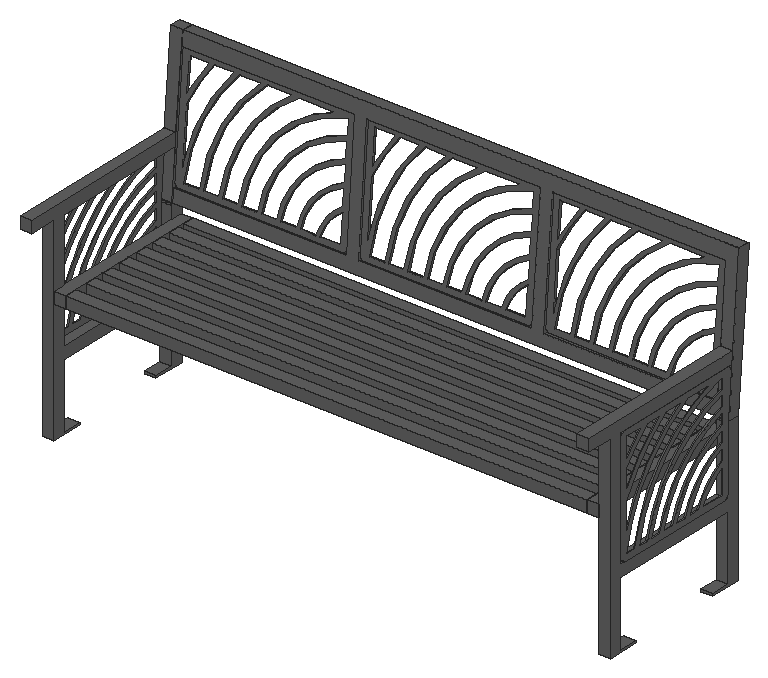
Revit family
Parameters (values of type "JC1-1000")
  URL = "http://www.sitescapesonline.com/index.asp"
  Type Comments = "Backed Bench"
  Side Panel Width = if(1 = 1, Length, 1' 0")  # 6' - 0"
  Seat Panel Width = if(1 = 1, Length - 0' 6", 1' 0")  # 5' - 6"
  Product Page URL = "http://www.sitescapesonline.com/jordancreek-park-benches.asp"
  Product Documentation Link = "http://www.sitescapesonline.com/PDF/JC1-1000%20-%20Customer%20Print.pdf"
  Panel Seat Width = Seat Panel Width  # 5' - 6"
  Panel Back Width = Length - 0' 2"  # 5' - 10"
  Model = "JC1-1000"
  Manufacturer = "SiteScapes Inc."  # constant formula
  Length = 6' - 0"
  Height = 3' - 1 159/256"  # constant formula
  Bench Material = Steel - SiteScapes - Powder Coat - Onyx
  Description = "Jordan Creek Laser Pattern, Backed Bench, Six foot length, Steel Bar Ends"
  Depth = 2' - 1 41/256"  # constant formula
  Copyright © = "2010 SiteScapes Inc."  # constant formula
  Back Type = Panel-Back-SiteScapes-Steel_Sheet_Metal_6ft_JC : 5 5/8"x1' 3 5/8"
  Back Frame Type = Frame-Type-SiteScapes-Square_Steel_Tube-6ft : 5 5/8"x1' 3 13/32"
  Assembly Code = ""
  Seat Panel = Panel-Seat-SiteScapes-Square Tube : Square_Tube_Seat-6ft
Reference planes (in)
  plane 1 "Center Front/Back": y = 0
  plane 2 "Original Bottom": z = 0
  plane 3 "Center Left/Right": x = 0
  plane 4 "Left": x = -36
  plane 5 "Right": x = 36
  plane 6 "Side Panel Width L": x = -34.5
  plane 7 "Side Panel Width R": x = 34.5
  plane 8 "Front": y = -25.16016
  plane 9 "Frame Side Origin F/B": y = 0
  plane 10 "Frame Side Origin T/B": z = 0
  plane 11 "Frame Back Origin F/B": y = -3.125
  plane 12 "Frame Back Origin T/B": z = 38.1875
  plane 13 "Bracing Origin F/B": y = -21.8125
  plane 14 "Bracing Origin T/B": z = 17
  plane 15 "Panel Seat Origin F/B": y = -21.8125
  plane 16 "Panel Seat Origin T/B": z = 17
  plane 17 "Panel Back Origin F/B": y = -2.25
  plane 18 "Panel Back Origin T/B": z = 36.3125
  plane 19 "Panel Side Origin F/B": y = -3.25
  plane 20 "Panel Side Origin T/B": z = 10
  plane 21 "Top": z = 37.62109
  plane 22 "Side Panel Right": x = 36
  plane 23 "Side Panel Left": x = -36
  plane 24 "Arm Rest Origin T/B": z = 0
  plane 25 "Arm Rest Origin F/B": y = -4.75
Dimensions and locks (in)
  equal spacing: plane 4 "Left", plane 3 "Center Left/Right", plane 5 "Right"
  "Length": plane 4 "Left" to plane 5 "Right"
  locked: plane 23 "Side Panel Left" to plane 6 "Side Panel Width L" at 1.5
  locked: plane 7 "Side Panel Width R" to plane 22 "Side Panel Right" at 1.5
  locked: plane 9 "Frame Side Origin F/B" to plane 1 "Center Front/Back" at 0
  locked: plane 17 "Panel Back Origin F/B" to plane 1 "Center Front/Back" at 2.25
  locked: plane 11 "Frame Back Origin F/B" to plane 1 "Center Front/Back" at 3.125
  locked: plane 19 "Panel Side Origin F/B" to plane 1 "Center Front/Back" at 3.25
  locked: plane 13 "Bracing Origin F/B" to plane 1 "Center Front/Back" at 21.8125
  locked: plane 15 "Panel Seat Origin F/B" to plane 1 "Center Front/Back" at 21.8125
  "Depth": plane 8 "Front" to plane 1 "Center Front/Back"
  locked: plane 10 "Frame Side Origin T/B" to plane 2 "Original Bottom" at 0
  locked: plane 12 "Frame Back Origin T/B" to plane 2 "Original Bottom" at 38.1875
  locked: plane 18 "Panel Back Origin T/B" to plane 2 "Original Bottom" at 36.3125
  locked: plane 14 "Bracing Origin T/B" to plane 2 "Original Bottom" at 17
  locked: plane 20 "Panel Side Origin T/B" to plane 2 "Original Bottom" at 10
  locked: plane 16 "Panel Seat Origin T/B" to plane 2 "Original Bottom" at 17
  "Height": plane 21 "Top" to plane 2 "Original Bottom"
  "Side Panel Width": plane 23 "Side Panel Left" to plane 22 "Side Panel Right"
  plane 24 "Arm Rest Origin T/B" to plane 2 "Original Bottom" = 0' - 0"
  aligned and locked: level to plane 2 "Original Bottom"
  aligned: nested 1 to plane 5 "Right"
  aligned: plane 4 "Left" to nested 2
  aligned: nested 1 to plane 10 "Frame Side Origin T/B"
  aligned: nested 1 to plane 9 "Frame Side Origin F/B"
  aligned: plane 10 "Frame Side Origin T/B" to nested 1
  aligned and locked: nested 1 to plane 22 "Side Panel Right"
  aligned and locked: plane 23 "Side Panel Left" to nested 2
  aligned and locked: plane 20 "Panel Side Origin T/B" to nested 3
  aligned and locked: nested 3 to plane 19 "Panel Side Origin F/B"
  aligned and locked: nested 4 to plane 19 "Panel Side Origin F/B"
  aligned and locked: plane 20 "Panel Side Origin T/B" to nested 4
  aligned and locked: plane 23 "Side Panel Left" to nested 4
  aligned and locked: nested 3 to plane 22 "Side Panel Right"
  aligned and locked: plane 10 "Frame Side Origin T/B" to nested 2
  aligned and locked: nested 1 to plane 9 "Frame Side Origin F/B"
  aligned and locked: plane 10 "Frame Side Origin T/B" to nested 1
  aligned and locked: nested 2 to plane 9 "Frame Side Origin F/B"
  aligned and locked: plane 23 "Side Panel Left" to plane 4 "Left"
  aligned and locked: plane 3 "Center Left/Right" to nested 5
  aligned and locked: plane 16 "Panel Seat Origin T/B" to nested 5
  aligned and locked: nested 5 to plane 15 "Panel Seat Origin F/B"
  aligned: plane 12 "Frame Back Origin T/B" to nested 6
  aligned and locked: plane 3 "Center Left/Right" to nested 6
  aligned and locked: nested 1 to nested 6
  aligned and locked: nested 6 to nested 1
  aligned: plane 3 "Center Left/Right" to nested 7
  aligned: nested 7 to plane 9 "Frame Side Origin F/B"
  aligned: nested 6 to nested 7  (x2)
  aligned and locked: plane 17 "Panel Back Origin F/B" to nested 7
  aligned and locked: nested 2 to plane 6 "Side Panel Width L"
  aligned: plane 6 "Side Panel Width L" to nested 7
  aligned and locked: plane 7 "Side Panel Width R" to nested 1
  aligned: plane 7 "Side Panel Width R" to nested 7
Nested families (in)
  nested 1: "Frame-Side-SiteScapes-Wall_Steel_Tubing" at (35.25, 0, 0), type "25 5/16"x37 3/4""
    with Width 0' - 1 1/2"
  nested 2: "Frame-Side-SiteScapes-Wall_Steel_Tubing" at (-35.25, 0, 0), type "25 5/16"x37 3/4""
    with Width 0' - 1 1/2"
  nested 3: "Panel-Side-SiteScapes-Steel_Sheet_Metal_JC" at (35.90625, -3.25, 10), type "1' 8 3/4"x9 1/4""
  nested 4: "Panel-Side-SiteScapes-Steel_Sheet_Metal_JC" at (-35.90625, -3.25, 10), type "1' 8 3/4"x9 1/4""
  nested 5: "Panel-Seat-SiteScapes-Square Tube" at (0, -1.74822, 15.5), type <- "Seat Panel", type "Square_Tube_Seat-6ft"
    with Has Support Bars yes
  nested 6: "Frame-Type-SiteScapes-Square_Steel_Tube-6ft" at (0, 0, 18.69089), type <- "Back Frame Type", type "5 5/8"x1' 3 13/32""
  nested 7: "Panel-Back-SiteScapes-Steel_Sheet_Metal_6ft_JC" at (11.32196, -2.17773, 20.39894), type <- "Back Type", type "5 5/8"x1' 3 5/8""
Definition of nested family "Frame-Side-SiteScapes-Wall_Steel_Tubing"
  Parameters (values of type "25 5/16"x37 3/4"")
    Width = 0' - 1"
    URL = "http://www.sitescapesonline.com/index.asp"
    Product Page URL = ""
    Product Documentation Link = ""
    Material = none
    Manufacturer = "SiteScapes Inc."  # constant formula
    Frame Back Height = 3' - 1 3/4"
    Depth = 2' - 1 5/16"
    Copyright © = "2010 SiteScapes Inc."  # constant formula
    Bracing Height Inset = 0' - 10"
    Arm Rest Height = 2' - 2 1/4"
  Reference planes (in)
    plane 1 "Center (Front/Back)": y = 0
    plane 2 "Original Bottom": z = 0
    plane 3 "Center (Left/Right)": x = 0
    plane 4 "Left": x = -0.5
    plane 5 "Right": x = 0.5
    plane 6 "Right Offset": x = 0.75
    plane 7 "Left Offset": x = -0.75
    plane 8 "Bottom Base": z = 0.25
    plane 9 "Back Inset": y = -1.66884
    plane 10 "Front": y = -25.3125
    plane 11 "Front Inset": y = -21.8125
    plane 12 "Armrest Top": z = 26.5
    plane 13 "Bracing Top": z = 10
    plane 14 "Top": z = 37.75
    plane 15 "Frame Front Iset": y = -20.3125
    plane 16 "Frame Back Inset": y = -3.16884
    plane 17 "Armrest Top Inset": z = 25
    plane 18 "Bracing Top Inset": z = 8.5
  Forms (in)
    Sweep 1, solid, material <- "Material", detail levels medium+fine
      path origin (0, 0, -2.04689) x (1, 0, 0) y (0, 0, 1)
        loop
          line (0.5, 28.54689) -> (-0.5, 28.54689)
      profile origin (0, 0, 26.5) x (0, 0, -1) y (0, -1, 0)
        loop
          line (0, 2.47848) -> (-11.2493, 1.49429) -> (-11.11857, 0) -> (7.95634, 1.66884) -> (26.25, 1.66884) -> (26.5, 1.66884) -> (26.5, 5.66884) -> (26.25, 5.66884) -> (26.25, 3.16884) -> (18, 3.16884) -> (18, 20.3125) -> (26.25, 20.3125) -> (26.25, 17.8125) -> (26.5, 17.8125) -> (26.5, 21.8125) -> (26.25, 21.8125) -> (1.5, 21.8125) -> (1.5, 25.3125) -> (0, 25.3125) -> (0, 2.47848)
        loop
          line (16.5, 3.16884) -> (16.5, 20.3125) -> (1.5, 20.3125) -> (1.5, 2.60971) -> (7.78354, 3.15945)
          arc (7.78354, 3.15945) -> (7.89236, 3.16652) -> (8.00138, 3.16884) r 2.5
          line (8.00138, 3.16884) -> (16.5, 3.16884)
  Lines and regions (in)
    Masking region 1, detail levels medium+fine
      outline origin (0, -27.75, 0) x (-1, 0, 0) y (0, 0, 1)
        loop
          line (0.5, 0) -> (0.5, 37.75) -> (-0.5, 37.75) -> (-0.5, 0) -> (0.5, 0)
    Masking region 2, detail levels medium+fine
      outline origin (0, 0, 0) x (0, 1, 0) y (0, 0, 1)
        loop
          line (-25.3125, 25) -> (-21.8125, 25) -> (-21.8125, 0) -> (-17.8125, 0) -> (-17.8125, 0.25) -> (-20.3125, 0.25) -> (-20.3125, 8.5) -> (-3.16884, 8.5) -> (-3.16884, 0.25) -> (-5.66884, 0.25) -> (-5.66884, 0) -> (-1.66884, 0) -> (-1.66884, 18.54366) -> (0, 37.61857) -> (-1.49429, 37.7493) -> (-2.47848, 26.5) -> (-25.3125, 26.5) -> (-25.3125, 25)
        loop
          line (-20.3125, 10) -> (-3.16884, 10) -> (-3.16884, 18.60915) -> (-2.60971, 25) -> (-20.3125, 25) -> (-20.3125, 10)
    Masking region 3, detail levels medium+fine
      outline origin (0, 0, 0) x (1, 0, 0) y (0, 1, 0)
        loop
          line (-0.5, 0) -> (-0.5, -25.3125) -> (0.5, -25.3125) -> (0.5, 0) -> (-0.5, 0)
    model lines, style "Bench Frame", detail levels coarse
      curve 1: line (0, -21.8125, 26.5) -> (0, -21.8125, 0)
      curve 2: line (0, -21.8125, 10) -> (0, -1.66884, 10)
      curve 3: line (0, -1.66884, 0) -> (0, -1.66884, 18.54366)
      curve 4: line (0, -25.3125, 26.5) -> (0, -0.97275, 26.5)
      curve 5: line (0, 0.0036, 37.65975) -> (0, -1.66884, 18.54366)
  Dimensions and locks (in)
    equal spacing: plane 4 "Left", plane 3 "Center (Left/Right)", plane 5 "Right"
    "Width": plane 4 "Left" to plane 5 "Right"
    locked: plane 5 "Right" to plane 6 "Right Offset" at 0.25
    locked: plane 7 "Left Offset" to plane 4 "Left" at 0.25
    locked: plane 8 "Bottom Base" to plane 2 "Original Bottom" at 0.25
    "Arm Rest Height": plane 12 "Armrest Top" to plane 8 "Bottom Base"
    "Bracing Height Inset": plane 13 "Bracing Top" to plane 2 "Original Bottom"
    "Depth": plane 10 "Front" to plane 1 "Center (Front/Back)"
    locked: plane 10 "Front" to plane 11 "Front Inset" at 3.5
    "Frame Back Height": plane 14 "Top" to plane 2 "Original Bottom"
    locked: plane 9 "Back Inset" to plane 1 "Center (Front/Back)" at 1.66884
    locked: plane 16 "Frame Back Inset" to plane 9 "Back Inset" at 1.5
    locked: plane 12 "Armrest Top" to plane 17 "Armrest Top Inset" at 1.5
    locked: plane 11 "Front Inset" to plane 15 "Frame Front Iset" at 1.5
    locked: Sweep 1 sketch curve to plane 9 "Back Inset" at 4
    locked: plane 11 "Front Inset" to Sweep 1 sketch curve at 4
    locked: plane 13 "Bracing Top" to plane 18 "Bracing Top Inset" at 1.5
    aligned and locked: plane 2 "Original Bottom" to level
    aligned: Masking region 1 to plane 6 "Right Offset"  (x2)
    aligned: Masking region 1 to plane 7 "Left Offset"  (x2)
    aligned and locked: Masking region 1 to plane 5 "Right"
    aligned and locked: Masking region 1 to plane 4 "Left"
    aligned and locked: level to Masking region 1
    aligned: Masking region 1 to plane 8 "Bottom Base"  (x2)
    aligned: Masking region 2 to plane 9 "Back Inset"
    aligned: Masking region 2 to plane 1 "Center (Front/Back)"
    aligned: Masking region 2 to plane 10 "Front"
    aligned: plane 8 "Bottom Base" to Masking region 2
    aligned: plane 11 "Front Inset" to Masking region 2
    aligned: Masking region 2 to level  (x2)
    aligned and locked: curve 2 to plane 13 "Bracing Top"
    aligned and locked: Sweep 1 sketch curve to plane 10 "Front"
    aligned and locked: plane 12 "Armrest Top" to Sweep 1 sketch curve  (x2)
    aligned and locked: Sweep 1 sketch curve to plane 11 "Front Inset"
    aligned and locked: Sweep 1 sketch curve to plane 2 "Original Bottom"  (x2)
    aligned and locked: plane 8 "Bottom Base" to Sweep 1 sketch curve  (x2)
    aligned and locked: plane 4 "Left" to Sweep 1 sketch curve
    aligned and locked: plane 5 "Right" to Sweep 1 sketch curve
    aligned and locked: plane 1 "Center (Front/Back)" to Sweep 1 sketch curve
    aligned and locked: Sweep 1 sketch curve to plane 17 "Armrest Top Inset"  (x2)
    aligned and locked: plane 15 "Frame Front Iset" to Sweep 1 sketch curve  (x2)
    aligned and locked: plane 13 "Bracing Top" to Sweep 1 sketch curve
    aligned and locked: plane 9 "Back Inset" to Sweep 1 sketch curve
    aligned and locked: Sweep 1 sketch curve to plane 16 "Frame Back Inset"
    aligned and locked: Masking region 2 sketch curve to plane 12 "Armrest Top"
    aligned and locked: plane 10 "Front" to Masking region 2 sketch curve
    aligned and locked: plane 11 "Front Inset" to Masking region 2 sketch curve
    aligned and locked: plane 17 "Armrest Top Inset" to Masking region 2 sketch curve  (x2)
    aligned and locked: Masking region 2 sketch curve to plane 8 "Bottom Base"  (x2)
    aligned and locked: plane 2 "Original Bottom" to Masking region 2 sketch curve  (x2)
    aligned and locked: Masking region 2 sketch curve to Sweep 1  (x6)
    aligned and locked: Masking region 2 sketch curve to plane 15 "Frame Front Iset"  (x2)
    aligned and locked: plane 16 "Frame Back Inset" to Masking region 2 sketch curve  (x2)
    aligned and locked: Masking region 2 sketch curve to plane 9 "Back Inset"
    aligned and locked: Masking region 2 sketch curve to plane 13 "Bracing Top"
    aligned and locked: plane 10 "Front" to curve 4
    aligned and locked: curve 5 to Sweep 1
    aligned and locked: plane 9 "Back Inset" to curve 3
    aligned and locked: curve 4 to plane 12 "Armrest Top"
    aligned and locked: Masking region 3 sketch curve to plane 5 "Right"
    aligned and locked: Masking region 3 sketch curve to plane 4 "Left"
    aligned and locked: plane 10 "Front" to Masking region 3 sketch curve
    aligned and locked: plane 1 "Center (Front/Back)" to Masking region 3 sketch curve
    aligned and locked: Masking region 1 sketch curve to plane 14 "Top"
    aligned and locked: plane 5 "Right" to Masking region 1 sketch curve
    aligned and locked: plane 4 "Left" to Masking region 1 sketch curve
    aligned and locked: Masking region 1 sketch curve to plane 2 "Original Bottom"
    aligned and locked: plane 18 "Bracing Top Inset" to Masking region 2 sketch curve
    aligned and locked: Sweep 1 sketch curve to plane 18 "Bracing Top Inset"
  Automatic sketch dimensions
    curve 5 to plane 1 "Center (Front/Back)" = 0' - 0.0036"
    profile plane to Sweep 1 sketch curve = 0' - 11.11857"
    plane 1 "Center (Front/Back)" to Sweep 1 sketch curve = 0' - 1.49429"
    Sweep 1 sketch curve to Sweep 1 sketch curve = 0' - 0.13073"
    Sweep 1 sketch curve to Sweep 1 sketch curve = 0' - 6.28354"
    Sweep 1 sketch curve to Sweep 1 sketch curve = 0' - 0.1728"
    plane 1 "Center (Front/Back)" to Sweep 1 sketch curve = 0' - 0.66884"
    Sweep 1 sketch curve to Sweep 1 sketch curve = 0' - 0.04366"
    Sweep 1 sketch curve to Sweep 1 sketch curve = 0' - 0.21784"
    Sweep 1 sketch curve to Sweep 1 sketch curve = 0' - 0 1/4"  (x2)
    Sweep 1 sketch curve to Sweep 1 sketch curve = 0' - 0.13123"
    Sweep 1 sketch curve to Sweep 1 sketch curve = 0' - 0"
    curve 2 to plane 11 "Front Inset" = 0' - 0"
    curve 3 to level = 0' - 0"
    curve 1 to level = 0' - 0"
Definition of nested family "Panel-Side-SiteScapes-Steel_Sheet_Metal_JC"
  Parameters (values of type "1' 8 3/4"x9 1/4"")
    URL = "http://www.sitescapesonline.com/index.asp"
    Thickness = 0' - 0 3/16"
    Product Page URL = "http://www.sitescapesonline.com/index.asp"
    Product Documentation Link = ""
    Manufacturer = "SiteScapes Inc."  # constant formula
    Height = 1' - 2.88"
    Depth = 1' - 4.88"
    Copyright © = "2010 SiteScapes Inc."  # constant formula
    Bench Material = none
  Reference planes (in)
    plane 1 "Center (Front/Back)": y = 0
    plane 2 "Original Bottom": z = 0
    plane 3 "Center (Left/Right)": x = 0
    plane 4 "Left": x = -0.09375
    plane 5 "Right": x = 0.09375
    plane 6 "Front": y = -16.88
    plane 7 "Front Inset": y = -16.13
    plane 8 "Back Inset": y = -0.75
    plane 9 "Top Inset": z = 8.5
    plane 10 "Top": z = 14.88
    plane 11 "Inset": z = 14.16875
    plane 12 "Bottom Inset": z = 0.71125
  Forms (in)
    Sweep 1, solid, material <- "Bench Material", detail levels medium+fine
      path origin (0, 0, 0) x (1, 0, 0) y (0, 0, 1)
        loop
          line (0.09375, 9.25) -> (-0.09375, 9.25)
      profile origin (0, 0, 9.25) x (0, 0, -1) y (0, -1, 0)
        loop
          line (-5.63, -0.09209) -> (-5.1319, -0.51004) -> (0.69792, 0) -> (8.74997, 0) -> (9.25, 0.50003) -> (9.25, 16.38003) -> (8.75003, 16.88) -> (-5.13003, 16.88) -> (-5.63, 16.38003) -> (-5.63, -0.09209)
        loop
          arc (-4.91875, 13.58434) -> (-3.52193, 14.91662) -> (-2.02069, 16.13003) r 23.55063
          line (-2.02069, 16.13003) -> (-4.91875, 16.13003) -> (-4.91875, 13.58434)
        loop
          arc (-4.91875, 10.67059) -> (-1.96918, 13.71736) -> (1.51819, 16.13003) r 21.62812
          line (1.51819, 16.13003) -> (-1.19873, 16.13003)
          arc (-1.19873, 16.13003) -> (-3.1458, 14.60712) -> (-4.91875, 12.88463) r 23.07
          line (-4.91875, 12.88463) -> (-4.91875, 10.67059)
        loop
          arc (-4.91875, 7.29147) -> (-0.06269, 12.78923) -> (6.46768, 16.13003) r 19.70563
          line (6.46768, 16.13003) -> (2.54741, 16.13003)
          arc (2.54741, 16.13003) -> (-1.55002, 13.44204) -> (-4.91875, 9.88313) r 21.1475
          line (-4.91875, 9.88313) -> (-4.91875, 7.29147)
        loop
          arc (-4.91875, 2.6362) -> (0.17108, 10.4831) -> (8.53875, 14.66189) r 17.78312
          line (8.53875, 14.66189) -> (8.53875, 16.13003)
          arc (8.53875, 16.13003) -> (0.69184, 12.75559) -> (-4.91875, 6.31493) r 19.225
          line (-4.91875, 6.31493) -> (-4.91875, 2.6362)
        loop
          arc (-3.44303, 0.75003) -> (0.82176, 8.45453) -> (8.53875, 12.69669) r 15.86063
          line (8.53875, 12.69669) -> (8.53875, 14.17151)
          arc (8.53875, 14.17151) -> (-0.19787, 9.47403) -> (-4.91875, 0.75003) r 17.3025
          line (-4.91875, 0.75003) -> (-3.44303, 0.75003)
        loop
          arc (-1.46403, 0.75003) -> (2.1813, 7.09524) -> (8.53875, 10.71919) r 13.93813
          line (8.53875, 10.71919) -> (8.53875, 12.20366)
          arc (8.53875, 12.20366) -> (1.16164, 8.11471) -> (-2.94966, 0.75003) r 15.38
          line (-2.94966, 0.75003) -> (-1.46403, 0.75003)
        loop
          arc (0.53415, 0.75003) -> (3.54091, 5.73603) -> (8.53875, 8.72306) r 12.01563
          line (8.53875, 8.72306) -> (8.53875, 10.22224)
          arc (8.53875, 10.22224) -> (2.52119, 6.75543) -> (-0.96663, 0.75003) r 13.4575
          line (-0.96663, 0.75003) -> (0.53415, 0.75003)
        loop
          arc (2.56366, 0.75003) -> (4.90066, 4.37695) -> (8.53875, 6.69652) r 10.09312
          line (8.53875, 6.69652) -> (8.53875, 8.21993)
          arc (8.53875, 8.21993) -> (3.88083, 5.39624) -> (1.03792, 0.75003) r 11.535
          line (1.03792, 0.75003) -> (2.56366, 0.75003)
        loop
          arc (4.65032, 0.75003) -> (6.26074, 3.01818) -> (8.53875, 4.61461) r 8.17063
          line (8.53875, 4.61461) -> (8.53875, 6.18273)
          arc (8.53875, 6.18273) -> (5.24064, 4.03721) -> (3.07842, 0.75003) r 9.6125
          line (3.07842, 0.75003) -> (4.65032, 0.75003)
        loop
          line (5.18702, 0.75003) -> (8.53875, 0.75003) -> (8.53875, 4.0796)
          arc (8.53875, 4.0796) -> (6.60086, 2.67859) -> (5.18702, 0.75003) r 7.69
  Lines and regions (in)
    Masking region 1, detail levels medium+fine
      outline origin (0, 0, 8.5) x (0, -1, 0) y (1, 0, 0)
        loop
          line (0, -0.09375) -> (16.88, -0.09375) -> (16.88, 0.09375) -> (0, 0.09375) -> (0, -0.09375)
    Masking region 2, detail levels medium+fine
      outline origin (0, 0, 0) x (1, 0, 0) y (0, 0, 1)
        loop
          line (-0.09375, 9.25) -> (-0.09375, 0) -> (0.09375, 0) -> (0.09375, 9.25) -> (-0.09375, 9.25)
    Masking region 3, detail levels medium+fine
      outline origin (0, -16.88, 0) x (-1, 0, 0) y (0, 0, 1)
        loop
          line (0.09375, 8.5) -> (-0.09375, 8.5) -> (-0.09375, 0) -> (0.09375, 0) -> (0.09375, 8.5)
        loop
          line (0.09375, 14.88) -> (-0.09375, 14.88) -> (-0.09375, 9.25) -> (0.09375, 9.25) -> (0.09375, 14.88)
        loop
          line (0.09375, 9.20224) -> (-0.09375, 9.20224) -> (-0.09375, 8.55177) -> (0.09375, 8.55177) -> (0.09375, 9.20224)
    Masking region 4, detail levels medium+fine
      outline origin (0, 0, 0) x (1, 0, 0) y (0, 1, 0)
        loop
          line (-0.09375, 0.51004) -> (-0.09375, 0.09209) -> (0.09375, 0.09209) -> (0.09375, 0.51004) -> (-0.09375, 0.51004)
        loop
          line (-0.09375, -16.88) -> (0.09375, -16.88) -> (0.09375, 0) -> (-0.09375, 0) -> (-0.09375, -16.88)
    Masking region 5, detail levels medium+fine
      outline origin (0, 0, 0) x (0, 1, 0) y (0, 0, 1)
        loop
          line (0, 8.55208) -> (0.51004, 14.3819) -> (0.09209, 14.88) -> (-16.38003, 14.88) -> (-16.88003, 14.38) -> (-16.88003, 0.5) -> (-16.38003, 0) -> (-0.50003, 0) -> (0, 0.50003) -> (0, 8.55208)
        loop
          line (-13.58434, 14.16875) -> (-16.13003, 14.16875) -> (-16.13003, 11.27069)
          arc (-16.13003, 11.27069) -> (-14.91662, 12.77193) -> (-13.58434, 14.16875) r 23.55063
        loop
          line (-16.13003, 10.44873) -> (-16.13003, 7.73181)
          arc (-16.13003, 7.73181) -> (-13.71736, 11.21918) -> (-10.67059, 14.16875) r 21.62812
          line (-10.67059, 14.16875) -> (-12.88463, 14.16875)
          arc (-12.88463, 14.16875) -> (-14.60712, 12.3958) -> (-16.13003, 10.44873) r 23.07
        loop
          line (-16.13003, 6.70259) -> (-16.13003, 2.78232)
          arc (-16.13003, 2.78232) -> (-12.78923, 9.31269) -> (-7.29147, 14.16875) r 19.70563
          line (-7.29147, 14.16875) -> (-9.88313, 14.16875)
          arc (-9.88313, 14.16875) -> (-13.44204, 10.80002) -> (-16.13003, 6.70259) r 21.1475
        loop
          line (-16.13003, 0.71125) -> (-14.66189, 0.71125)
          arc (-14.66189, 0.71125) -> (-10.4831, 9.07892) -> (-2.6362, 14.16875) r 17.78312
          line (-2.6362, 14.16875) -> (-6.31493, 14.16875)
          arc (-6.31493, 14.16875) -> (-12.75559, 8.55816) -> (-16.13003, 0.71125) r 19.225
        loop
          line (-14.17151, 0.71125) -> (-12.69669, 0.71125)
          arc (-12.69669, 0.71125) -> (-8.45453, 8.42824) -> (-0.75003, 12.69303) r 15.86063
          line (-0.75003, 12.69303) -> (-0.75003, 14.16875)
          arc (-0.75003, 14.16875) -> (-9.47403, 9.44787) -> (-14.17151, 0.71125) r 17.3025
        loop
          line (-12.20366, 0.71125) -> (-10.71919, 0.71125)
          arc (-10.71919, 0.71125) -> (-7.09524, 7.0687) -> (-0.75003, 10.71403) r 13.93813
          line (-0.75003, 10.71403) -> (-0.75003, 12.19966)
          arc (-0.75003, 12.19966) -> (-8.11471, 8.08836) -> (-12.20366, 0.71125) r 15.38
        loop
          line (-0.75003, 8.71585) -> (-0.75003, 10.21663)
          arc (-0.75003, 10.21663) -> (-6.75543, 6.72881) -> (-10.22224, 0.71125) r 13.4575
          line (-10.22224, 0.71125) -> (-8.72306, 0.71125)
          arc (-8.72306, 0.71125) -> (-5.73603, 5.70909) -> (-0.75003, 8.71585) r 12.01563
        loop
          line (-0.75003, 6.68634) -> (-0.75003, 8.21208)
          arc (-0.75003, 8.21208) -> (-5.39624, 5.36917) -> (-8.21993, 0.71125) r 11.535
          line (-8.21993, 0.71125) -> (-6.69652, 0.71125)
          arc (-6.69652, 0.71125) -> (-4.37695, 4.34934) -> (-0.75003, 6.68634) r 10.09312
        loop
          line (-0.75003, 4.59968) -> (-0.75003, 6.17158)
          arc (-0.75003, 6.17158) -> (-4.03721, 4.00936) -> (-6.18273, 0.71125) r 9.6125
          line (-6.18273, 0.71125) -> (-4.61461, 0.71125)
          arc (-4.61461, 0.71125) -> (-3.01818, 2.98926) -> (-0.75003, 4.59968) r 8.17063
        loop
          line (-4.0796, 0.71125) -> (-0.75003, 0.71125) -> (-0.75003, 4.06298)
          arc (-0.75003, 4.06298) -> (-2.67859, 2.64914) -> (-4.0796, 0.71125) r 7.69
    model lines, style "Bench Panel", detail levels coarse
      curve 1: line (0, -16.505, 0.35562) -> (0, -16.505, 14.52438)
      curve 2: line (0, 0.00449, 14.52438) -> (0, -16.505, 14.52438)
      curve 3: line (0, -0.37503, 0.35562) -> (0, -16.505, 0.35562)
      curve 4: line (0, -0.37503, 8.5) -> (0, -0.37503, 0.35562)
      curve 5: line (0, -0.37503, 8.5) -> (0, 0.00449, 14.52438)
      curve 6: arc (0, -16.505, 10.26471) -> (0, -14.83142, 12.50398) -> (0, -12.89928, 14.52438) r 23.07
      curve 7: arc (0, -16.505, 6.29153) -> (0, -13.73022, 10.82554) -> (0, -9.91246, 14.52438) r 21.1475
      curve 8: arc (0, -16.25373, 0.35562) -> (0, -13.00517, 8.60818) -> (0, -6.39786, 14.52438) r 19.225
      curve 9: arc (0, -14.30406, 0.35562) -> (0, -9.73072, 9.55212) -> (0, -0.75003, 14.5359) r 17.3025
      curve 10: arc (0, -12.34956, 0.35562) -> (0, -8.13718, 8.41165) -> (0, -0.11159, 12.68173) r 15.38
      curve 11: arc (0, -10.39031, 0.35562) -> (0, -6.82342, 7.00687) -> (0, -0.23694, 10.69198) r 13.4575
      curve 12: arc (0, -8.4184, 0.35562) -> (0, -5.51107, 5.6002) -> (0, -0.3639, 8.67668) r 11.535
      curve 13: arc (0, -6.42576, 0.35562) -> (0, -4.15822, 4.23526) -> (0, -0.37503, 6.66029) r 9.6125
      curve 14: arc (0, -4.39531, 0.35562) -> (0, -2.80366, 2.8727) -> (0, -0.37503, 4.5963) r 7.69
  Dimensions and locks (in)
    equal spacing: plane 4 "Left", plane 3 "Center (Left/Right)", plane 5 "Right"
    "Thickness": plane 4 "Left" to plane 5 "Right"
    "Depth": plane 6 "Front" to plane 1 "Center (Front/Back)"
    locked: plane 8 "Back Inset" to plane 1 "Center (Front/Back)" at 0.75
    locked: plane 6 "Front" to plane 7 "Front Inset" at 0.75
    "Height": plane 10 "Top" to plane 2 "Original Bottom"
    locked: plane 10 "Top" to plane 11 "Inset" at 0.71125
    locked: plane 12 "Bottom Inset" to plane 2 "Original Bottom" at 0.71125
    aligned and locked: plane 2 "Original Bottom" to level
    aligned and locked: plane 5 "Right" to Sweep 1 sketch curve
    aligned and locked: plane 4 "Left" to Sweep 1 sketch curve
    aligned and locked: plane 6 "Front" to Masking region 1 sketch curve
    aligned and locked: plane 1 "Center (Front/Back)" to Masking region 1 sketch curve
    aligned and locked: Masking region 1 sketch curve to plane 5 "Right"
    aligned and locked: Masking region 1 sketch curve to plane 4 "Left"
    aligned and locked: Masking region 2 sketch curve to plane 5 "Right"
    aligned and locked: Masking region 2 sketch curve to plane 4 "Left"
    aligned and locked: plane 2 "Original Bottom" to Masking region 2 sketch curve
    aligned: plane 7 "Front Inset" to Sweep 1
    aligned: plane 10 "Top" to Sweep 1
    aligned: Sweep 1 to plane 11 "Inset"
    aligned and locked: plane 4 "Left" to Sweep 1
    aligned and locked: Sweep 1 to plane 5 "Right"
    aligned and locked: Masking region 3 sketch curve to Sweep 1  (x4)
    aligned and locked: plane 9 "Top Inset" to Masking region 3 sketch curve
    aligned and locked: Sweep 1 to Masking region 3 sketch curve
    aligned and locked: Masking region 3 sketch curve to Masking region 2  (x2)
    aligned and locked: plane 4 "Left" to Masking region 3 sketch curve
    aligned and locked: Masking region 4 sketch curve to Sweep 1  (x4)
    aligned and locked: Masking region 4 sketch curve to Masking region 1  (x2)
    aligned and locked: Masking region 5 sketch curve to Sweep 1  (x43)
    aligned and locked: plane 9 "Top Inset" to curve 4
    aligned and locked: plane 10 "Top" to Sweep 1 sketch curve
    aligned and locked: Sweep 1 sketch curve to plane 6 "Front"
    aligned and locked: Sweep 1 sketch curve to plane 1 "Center (Front/Back)"
  Automatic sketch dimensions
    plane 9 "Top Inset" to Sweep 1 sketch curve = 0' - 0 3/4"
    Sweep 1 sketch curve to plane 1 "Center (Front/Back)" = 0' - 0.51004"
    Sweep 1 sketch curve to Sweep 1 sketch curve = 0' - 0.4981"
    Sweep 1 sketch curve to Sweep 1 sketch curve = 0' - 0.49997"  (x3)
    Sweep 1 sketch curve to profile plane = 0' - 0.69792"
    Sweep 1 sketch curve to plane 1 "Center (Front/Back)" = 0' - 0.09209"
    plane 9 "Top Inset" to Masking region 2 sketch curve = 0' - 0 3/4"
    Masking region 3 sketch curve to Masking region 3 sketch curve = 0' - 0.04776"
    Masking region 4 sketch curve to plane 6 "Front" = 0' - 0"
    Sweep 1 sketch curve to Sweep 1 sketch curve = 0' - 0.71125"  (x2)
    Sweep 1 sketch curve to plane 1 "Center (Front/Back)" = 0' - 2.77707"
    Sweep 1 sketch curve to Sweep 1 sketch curve = 0' - 3.27047"
    Sweep 1 sketch curve to Sweep 1 sketch curve = 0' - 0"  (x45)
    Sweep 1 sketch curve to Sweep 1 sketch curve = 0' - 0.82196"
    Sweep 1 sketch curve to profile plane = 0' - 1.51819"
    Sweep 1 sketch curve to Sweep 1 sketch curve = 0' - 2.91375"
    Sweep 1 sketch curve to Sweep 1 sketch curve = 0' - 1.02922"
    Sweep 1 sketch curve to Sweep 1 sketch curve = 0' - 3.37912"
    Sweep 1 sketch curve to Sweep 1 sketch curve = 0' - 0.97654"
    Sweep 1 sketch curve to Sweep 1 sketch curve = 0' - 1.47571"
    plane 1 "Center (Front/Back)" to Sweep 1 sketch curve = 0' - 0.75003"  (x4)
    Sweep 1 sketch curve to Sweep 1 sketch curve = 0' - 0.49337"
    profile plane to Sweep 1 sketch curve = 0' - 1.46403"
    Sweep 1 sketch curve to Sweep 1 sketch curve = 0' - 0.4974"
    Sweep 1 sketch curve to profile plane = 0' - 0.53415"
    Sweep 1 sketch curve to Sweep 1 sketch curve = 0' - 0.51476"
    Sweep 1 sketch curve to Sweep 1 sketch curve = 0' - 1.5719"
    Sweep 1 sketch curve to Sweep 1 sketch curve = 0' - 0.5367"
    Masking region 5 sketch curve to level = 0' - 0"
    Masking region 5 sketch curve to plane 6 "Front" = 0' - 0.00003"
    Masking region 5 sketch curve to plane 7 "Front Inset" = 0' - 0.25003"  (x2)
    plane 11 "Inset" to Masking region 5 sketch curve = 0' - 0.21125"
    plane 6 "Front" to curve 1 = 0' - 0 3/8"
    curve 8 to plane 7 "Front Inset" = 0' - 0.12373"
    level to curve 9 = 0' - 0.35562"
    plane 7 "Front Inset" to curve 9 = 0' - 1.82595"
    curve 6 to plane 10 "Top" = 0' - 0.35562"
    plane 7 "Front Inset" to curve 6 = 0' - 3.23072"
    curve 9 to curve 10 = 0' - 1.9545"
    curve 10 to curve 11 = 0' - 1.95925"
    curve 6 to curve 7 = 0' - 2.98682"
    curve 11 to curve 12 = 0' - 1.97191"
    curve 12 to curve 13 = 0' - 1.99264"
    curve 7 to curve 8 = 0' - 3.5146"
    curve 13 to curve 14 = 0' - 2.03045"
    curve 9 to plane 8 "Back Inset" = 0' - 0.00003"
    plane 8 "Back Inset" to curve 3 = 0' - 0.37497"
    plane 9 "Top Inset" to curve 12 = 0' - 0.17668"
    curve 4 to curve 12 = 0' - 0.01113"
    plane 1 "Center (Front/Back)" to curve 11 = 0' - 0.23694"
    plane 1 "Center (Front/Back)" to curve 10 = 0' - 0.11159"
    curve 11 to level = 0' - 2.42366"
    curve 10 to curve 11 = 0' - 0"
    curve 13 to curve 11 = 0' - 0"
    curve 12 to curve 11 = 0' - 0"
    curve 9 to curve 13 = 0' - 0"
    curve 6 to curve 9 = 0' - 0"
    curve 14 to curve 13 = 0' - 0"
    curve 8 to curve 6 = 0' - 0"
    curve 7 to curve 6 = 0' - 0"
    curve 12 to curve 13 = 0' - 0.00174"
    curve 13 to curve 14 = 0' - 0.0027"
    curve 14 to curve 9 = 0' - 0.01471"
    curve 9 to curve 6 = 0' - 0.00203"
    curve 6 to curve 7 = 0' - 0.0084"
    Masking region 5 sketch curve to plane 12 "Bottom Inset" = 0' - 0.21125"
    Sweep 1 sketch curve to Sweep 1 sketch curve = 0' - 0.21315"
    Sweep 1 sketch curve to Sweep 1 sketch curve = 0' - 1.88617"
    Sweep 1 sketch curve to Sweep 1 sketch curve = 0' - 3.67874"
    Sweep 1 sketch curve to Sweep 1 sketch curve = 0' - 0 1/4"
    Sweep 1 sketch curve to Sweep 1 sketch curve = 0' - 0.50377"
    Sweep 1 sketch curve to Sweep 1 sketch curve = 0' - 1.52574"
    plane 1 "Center (Front/Back)" to Sweep 1 sketch curve = 0' - 0.50003"
    Sweep 1 sketch curve to Sweep 1 sketch curve = 0' - 0.50003"
    Sweep 1 sketch curve to Sweep 1 sketch curve = 0' - 3.92027"
    Sweep 1 sketch curve to Sweep 1 sketch curve = 0' - 3.35173"
    Sweep 1 sketch curve to Sweep 1 sketch curve = 0' - 0.74997"
    Masking region 3 sketch curve to plane 5 "Right" = 0' - 0"
    plane 9 "Top Inset" to Masking region 3 sketch curve = 0' - 0.05177"
    Masking region 4 sketch curve to Masking region 4 sketch curve = 0' - 0.09209"
Definition of nested family "Panel-Seat-SiteScapes-Square Tube"
  Parameters (values of type "Square_Tube_Seat-6ft")
    Width = 6' - 0"
    Product Page URL = ""
    Product Documentation Link = ""
    Material = none
    Height = 0' - 1 1/2"
    Has Support Bars [instance] = yes
    Depth = 1' - 2 11/16"
    Copyright © = ""
    Assembly Code = ""
  Types (2): name | Width
    Square_Tube_Seat-6ft | 6' - 0"
    Square_Tube_Seat-8ft | 8' - 0"
  Reference planes (in)
    plane 1 "Center (Front/Back)": y = -2.3125
    plane 2 "Original Bottom": z = 0
    plane 3 "Center (Left/Right)": x = 0
    plane 4 "Inside Left": x = -33
    plane 5 "Inside Right": x = 33
    plane 6 "Front": y = -17
    plane 7 "Top": z = 1.5
    plane 8 "BacK Depth": y = -14.36
    plane 9 "Front Depth": y = -15.5
    plane 10 "Front Offset": y = -18.14
    plane 11 "Back Offset": y = -1.1725
    plane 12: y = -12.86
    plane 13: y = -11.72
    plane 14: y = -10.22
    plane 15: y = -9.08
    plane 16: y = -7.58
    plane 17: y = -6.44
    plane 18: y = -4.94
    plane 19: y = -3.8
    plane 20 "Bar Left": x = -34.5
    plane 21: x = 34.5
    plane 22: y = -20.06428
    plane 23: y = -0.06428
    plane 24: x = -36
    plane 25: x = 36
  Forms (in)
    Sweep 1, solid, material <- "Material", detail levels medium+fine
      path origin (0, 0, 0) x (1, 0, 0) y (0, 1, 0)
        loop
          line (-33, -8.86) -> (33, -8.86)
      profile origin (0, -8.86, 0) x (0, 1, 0) y (0, 0, 1)
        loop
          line (-8.14, 1.5) -> (-8.14, 0) -> (-6.64, 0) -> (-6.64, 1.5) -> (-8.14, 1.5)
    Sweep 2, solid, material <- "Material", detail levels medium+fine
      path origin (0, 2.64, 0) x (1, 0, 0) y (0, 1, 0)
        loop
          line (-33, -8.86) -> (33, -8.86)
      profile origin (0, -6.22, 0) x (0, 1, 0) y (0, 0, 1)
        loop
          line (-8.14, 1.5) -> (-8.14, 0) -> (-6.64, 0) -> (-6.64, 1.5) -> (-8.14, 1.5)
    Sweep 3, solid, material <- "Material", detail levels medium+fine
      path origin (0, 5.28, 0) x (1, 0, 0) y (0, 1, 0)
        loop
          line (-33, -8.86) -> (33, -8.86)
      profile origin (0, -3.58, 0) x (0, 1, 0) y (0, 0, 1)
        loop
          line (-8.14, 1.5) -> (-8.14, 0) -> (-6.64, 0) -> (-6.64, 1.5) -> (-8.14, 1.5)
    Sweep 4, solid, material <- "Material", detail levels medium+fine
      path origin (0, 7.92, 0) x (1, 0, 0) y (0, 1, 0)
        loop
          line (-33, -8.86) -> (33, -8.86)
      profile origin (0, -0.94, 0) x (0, 1, 0) y (0, 0, 1)
        loop
          line (-8.14, 1.5) -> (-8.14, 0) -> (-6.64, 0) -> (-6.64, 1.5) -> (-8.14, 1.5)
    Sweep 5, solid, material <- "Material", detail levels medium+fine
      path origin (0, 10.56, 0) x (1, 0, 0) y (0, 1, 0)
        loop
          line (-33, -8.86) -> (33, -8.86)
      profile origin (0, 1.7, 0) x (0, 1, 0) y (0, 0, 1)
        loop
          line (-8.14, 1.5) -> (-8.14, 0) -> (-6.64, 0) -> (-6.64, 1.5) -> (-8.14, 1.5)
    Sweep 6, solid, material <- "Material", detail levels medium+fine
      path origin (0, 13.2, 0) x (1, 0, 0) y (0, 1, 0)
        loop
          line (-33, -8.86) -> (33, -8.86)
      profile origin (0, 4.34, 0) x (0, 1, 0) y (0, 0, 1)
        loop
          line (-8.14, 1.5) -> (-8.14, 0) -> (-6.64, 0) -> (-6.64, 1.5) -> (-8.14, 1.5)
    Sweep 7, solid, material <- "Material", detail levels medium+fine
      path origin (0, -20.06428, 0) x (-1, 0, 0) y (0, 0, 1)
        loop
          line (-33, 1.5) -> (33, 1.5)
      profile origin (0, -20.06428, 1.5) x (0, 0, 1) y (0, 1, 0)
        loop
          line (-1.5, 1.5) -> (-1.5, 0) -> (0, 0) -> (0, 1.5) -> (-1.5, 1.5)
    Sweep 8, solid, material <- "Material", visible <- "Has Support Bars", detail levels medium+fine
      path origin (0, -0.06428, 0.05462) x (1, 0, 0) y (0, 0, 1)
        loop
          line (33, 1.44538) -> (-33, 1.44538)
      profile origin (0, -0.06428, 1.5) x (0, 0, -1) y (0, -1, 0)
        loop
          line (1.5, 0) -> (1.5, 1.5) -> (0, 1.5) -> (0, 0) -> (1.5, 0)
    Sweep 9, solid, material <- "Material", detail levels medium+fine
      path origin (0, 0, 0) x (1, 0, 0) y (0, 1, 0)
        loop
          line (-34.5, -20.06428) -> (-34.5, -0.06428)
      profile origin (-34.5, -10.06428, 0) x (-1, 0, 0) y (0, 0, 1)
        loop
          line (0, 1.5) -> (-1.5, 1.5) -> (-1.5, 0) -> (0, 0) -> (0, 1.5)
    Sweep 10, solid, material <- "Material", detail levels medium+fine
      path origin (67.5, 0, 0) x (1, 0, 0) y (0, 1, 0)
        loop
          line (-34.5, -20.06428) -> (-34.5, -0.06428)
      profile origin (33, -10.06428, 0) x (-1, 0, 0) y (0, 0, 1)
        loop
          line (0, 1.5) -> (-1.5, 1.5) -> (-1.5, 0) -> (0, 0) -> (0, 1.5)
  Lines and regions (in)
    Masking region 1, detail levels medium+fine
      outline origin (0, -2.3125, 0) x (1, 0, 0) y (0, 0, 1)
        loop
          line (-34.5, 1.5) -> (-34.5, 0) -> (34.5, 0) -> (34.5, 1.5) -> (-34.5, 1.5)
    Masking region 2, detail levels medium+fine
      outline origin (0, 3, 0) x (0, 1, 0) y (0, 0, 1)
        loop
          line (-20, 1.5) -> (-20, 0) -> (-18.5, 0) -> (-18.5, 1.5) -> (-20, 1.5)
    Masking region 3, detail levels medium+fine
      outline origin (0, 0, 0) x (1, 0, 0) y (0, 1, 0)
        loop
          line (-33, -15.5) -> (-33, -17) -> (33, -17) -> (33, -15.5) -> (-33, -15.5)
        loop
          line (-33, -14.36) -> (33, -14.36) -> (33, -12.86) -> (-33, -12.86) -> (-33, -14.36)
        loop
          line (-33, -11.72) -> (33, -11.72) -> (33, -10.22) -> (-33, -10.22) -> (-33, -11.72)
        loop
          line (-33, -9.08) -> (33, -9.08) -> (33, -7.58) -> (-33, -7.58) -> (-33, -9.08)
        loop
          line (-33, -6.44) -> (33, -6.44) -> (33, -4.94) -> (-33, -4.94) -> (-33, -6.44)
        loop
          line (-33, -3.8) -> (33, -3.8) -> (33, -2.3) -> (-33, -2.3) -> (-33, -3.8)
        loop
          line (33, -0.06428) -> (-33, -0.06428) -> (-33, -1.56428) -> (33, -1.56428) -> (33, -0.06428)
        loop
          line (33, -18.56428) -> (-33, -18.56428) -> (-33, -20.06428) -> (33, -20.06428) -> (33, -18.56428)
    Masking region 4, detail levels medium+fine
      outline origin (0, 5.64, 0) x (0, 1, 0) y (0, 0, 1)
        loop
          line (-20, 1.5) -> (-20, 0) -> (-18.5, 0) -> (-18.5, 1.5) -> (-20, 1.5)
    Masking region 5, detail levels medium+fine
      outline origin (0, 8.28, 0) x (0, 1, 0) y (0, 0, 1)
        loop
          line (-20, 1.5) -> (-20, 0) -> (-18.5, 0) -> (-18.5, 1.5) -> (-20, 1.5)
    Masking region 6, detail levels medium+fine
      outline origin (0, 10.92, 0) x (0, 1, 0) y (0, 0, 1)
        loop
          line (-20, 1.5) -> (-20, 0) -> (-18.5, 0) -> (-18.5, 1.5) -> (-20, 1.5)
    Masking region 7, detail levels medium+fine
      outline origin (0, 13.56, 0) x (0, 1, 0) y (0, 0, 1)
        loop
          line (-20, 1.5) -> (-20, 0) -> (-18.5, 0) -> (-18.5, 1.5) -> (-20, 1.5)
    Masking region 8, detail levels medium+fine
      outline origin (0, 16.2, 0) x (0, 1, 0) y (0, 0, 1)
        loop
          line (-20, 1.5) -> (-20, 0) -> (-18.5, 0) -> (-18.5, 1.5) -> (-20, 1.5)
    Masking region 9, detail levels medium+fine
      outline origin (-0.09772, -0.06428, 0) x (1, 0, 0) y (0, 1, 0)
        loop
          line (-34.5, 0) -> (-34.5, -20) -> (34.5, -20) -> (34.5, 0) -> (-34.5, 0)
        loop
          line (-33, -1.5) -> (-33, -18.5) -> (33, -18.5) -> (33, -1.5) -> (-33, -1.5)
    Masking region 10, detail levels medium+fine
      outline origin (0, -0.06428, 0) x (0, 1, 0) y (0, 0, 1)
        loop
          line (-20, 1.5) -> (-20, 0) -> (-18.5, 0) -> (-18.5, 1.5) -> (-20, 1.5)
    Masking region 11, detail levels medium+fine
      outline origin (0, 18.44947, 0) x (0, 1, 0) y (0, 0, 1)
        loop
          line (-20, 1.5) -> (-20, 0) -> (-18.5, 0) -> (-18.5, 1.5) -> (-20, 1.5)
    Masking region 12, detail levels medium+fine
      outline origin (0, 0, 0) x (1, 0, 0) y (0, 1, 0)
        loop
          line (-34.5, -0.06428) -> (-34.5, -20.06428) -> (-33, -20.06428) -> (-33, -0.06428) -> (-34.5, -0.06428)
        loop
          line (33, -0.06428) -> (33, -20.06428) -> (34.5, -20.06428) -> (34.5, -0.06428) -> (33, -0.06428)
    model lines, style "Bench Seat", detail levels coarse
      curve 1: line (-33, -17, 1.5) -> (-33, -17, 0)
    model lines, style "Bench Frame", detail levels coarse
      curve 2: line (-33.84772, -0.81428, 0.75) -> (33.65228, -0.81428, 0.75)
      curve 3: line (33.65228, -19.31428, 0.75) -> (-33.84772, -19.31428, 0.75)
      curve 4: line (-33.84772, -20.06428, 0.75) -> (-33.84772, -0.06428, 0.75)
      curve 5: line (33.65228, -20.06428, 0.75) -> (33.65228, -0.06428, 0.75)
    model lines, detail levels coarse
      curve 6: line (33.65228, -16.36, 1.5) -> (-33.84772, -16.36, 1.5)
      curve 7: line (-33.84772, -13.61, 1.5) -> (33.65228, -13.61, 1.5)
      curve 8: line (33.65228, -10.97, 1.5) -> (-33.84772, -10.97, 1.5)
      curve 9: line (-33.84772, -8.33, 1.5) -> (33.65228, -8.33, 1.5)
      curve 10: line (33.65228, -5.69, 1.5) -> (-33.84772, -5.69, 1.5)
      curve 11: line (-33.84772, -3.05, 1.5) -> (33.65228, -3.05, 1.5)
  Dimensions and locks (in)
    "Width": plane 24 to plane 25
    "Height": plane 7 "Top" to plane 2 "Original Bottom"
    locked: plane 5 "Inside Right" to plane 21 at 1.5
    locked: plane 20 "Bar Left" to plane 4 "Inside Left" at 1.5
    plane 8 "BacK Depth" to plane 9 "Front Depth" = 0' - 1.14"
    locked: plane 1 "Center (Front/Back)" to plane 11 "Back Offset" at 1.14
    locked: plane 6 "Front" to plane 10 "Front Offset" at 1.14
    locked: plane 24 to plane 20 "Bar Left" at 1.5
    locked: plane 21 to plane 25 at 1.5
    equal spacing: plane 24, plane 3 "Center (Left/Right)", plane 25
    aligned and locked: plane 2 "Original Bottom" to level
    aligned and locked: Masking region 1 sketch curve to plane 7 "Top"
    aligned and locked: plane 2 "Original Bottom" to Masking region 1 sketch curve
    aligned and locked: Masking region 3 sketch curve to Sweep 1  (x4)
    aligned and locked: plane 13 to Sweep 3
    aligned and locked: plane 14 to Sweep 3
    aligned and locked: plane 15 to Sweep 4
    aligned and locked: plane 16 to Sweep 4
    aligned and locked: plane 17 to Sweep 5
    aligned and locked: plane 18 to Sweep 5
    aligned and locked: plane 19 to Sweep 6
    aligned and locked: plane 5 "Inside Right" to Sweep 2 sketch curve
    aligned and locked: plane 4 "Inside Left" to Sweep 2 sketch curve
    aligned and locked: plane 5 "Inside Right" to Sweep 3 sketch curve
    aligned and locked: plane 4 "Inside Left" to Sweep 3 sketch curve
    aligned and locked: plane 5 "Inside Right" to Sweep 1 sketch curve
    aligned and locked: plane 4 "Inside Left" to Sweep 1 sketch curve
    aligned and locked: plane 5 "Inside Right" to Sweep 4 sketch curve
    aligned and locked: plane 4 "Inside Left" to Sweep 4 sketch curve
    aligned and locked: plane 5 "Inside Right" to Sweep 5 sketch curve
    aligned and locked: plane 4 "Inside Left" to Sweep 5 sketch curve
    aligned and locked: plane 5 "Inside Right" to Sweep 6 sketch curve
    aligned and locked: plane 4 "Inside Left" to Sweep 6 sketch curve
    aligned and locked: Masking region 3 sketch curve to Sweep 2  (x4)
    aligned and locked: Masking region 3 sketch curve to Sweep 3  (x4)
    aligned and locked: Masking region 3 sketch curve to Sweep 4  (x4)
    aligned and locked: Masking region 3 sketch curve to Sweep 5  (x4)
    aligned and locked: Masking region 3 sketch curve to Sweep 6  (x4)
    aligned and locked: profile plane to Sweep 7 sketch curve
    aligned and locked: profile plane to Sweep 8 sketch curve
    aligned and locked: Sweep 7 to Sweep 8 sketch curve
    aligned and locked: Masking region 3 sketch curve to Sweep 8  (x4)
    aligned and locked: Masking region 3 sketch curve to Sweep 7  (x4)
    aligned and locked: plane 4 "Inside Left" to Sweep 7
    aligned and locked: plane 4 "Inside Left" to Sweep 8
    aligned and locked: Sweep 9 sketch curve to plane 20 "Bar Left"
    aligned and locked: plane 4 "Inside Left" to Sweep 9 sketch curve
    aligned and locked: Sweep 9 sketch curve to plane 7 "Top"
    aligned and locked: plane 2 "Original Bottom" to Sweep 9 sketch curve
    aligned and locked: Sweep 10 to plane 5 "Inside Right"
    aligned and locked: Sweep 10 to plane 21
    aligned and locked: Sweep 10 to plane 22
    aligned and locked: Sweep 10 to plane 23
    aligned and locked: Masking region 12 sketch curve to plane 22  (x2)
    aligned and locked: plane 23 to Masking region 12 sketch curve  (x2)
    aligned and locked: plane 5 "Inside Right" to Masking region 12 sketch curve
    aligned and locked: plane 21 to Masking region 12 sketch curve
    aligned and locked: plane 4 "Inside Left" to Masking region 12 sketch curve
    aligned and locked: Masking region 12 sketch curve to plane 20 "Bar Left"
    aligned and locked: Sweep 10 to curve 5
    aligned and locked: curve 5 to Sweep 10
    aligned and locked: plane 23 to curve 4
    aligned and locked: curve 5 to curve 11
    aligned and locked: curve 5 to curve 10
    aligned and locked: curve 5 to curve 9
    aligned and locked: curve 5 to curve 8
    aligned and locked: curve 5 to curve 7
    aligned and locked: curve 4 to curve 6
    aligned and locked: curve 4 to curve 7
    aligned and locked: curve 4 to curve 8
    aligned and locked: curve 4 to curve 9
    aligned and locked: curve 4 to curve 10
    aligned and locked: curve 4 to curve 11
    aligned and locked: curve 4 to curve 2
    aligned and locked: Masking region 1 sketch curve to plane 20 "Bar Left"
    aligned and locked: plane 21 to Masking region 1 sketch curve
  Automatic sketch dimensions
    Sweep 1 sketch curve to profile plane = 0' - 0"
    profile plane to Sweep 1 sketch curve = 0' - 8.14"
    Sweep 1 sketch curve to Sweep 1 sketch curve = 0' - 1 1/2"
    profile plane to Sweep 1 sketch curve = 0' - 1 1/2"
    Masking region 4 sketch curve to Masking region 4 sketch curve = 0' - 1 1/2"  (x2)
    Sweep 2 sketch curve to profile plane = 0' - 0"
    profile plane to Sweep 2 sketch curve = 0' - 8.14"
    Sweep 2 sketch curve to Sweep 2 sketch curve = 0' - 1 1/2"
    profile plane to Sweep 2 sketch curve = 0' - 1 1/2"
    Masking region 5 sketch curve to Masking region 5 sketch curve = 0' - 1 1/2"  (x2)
    Sweep 3 sketch curve to profile plane = 0' - 0"
    profile plane to Sweep 3 sketch curve = 0' - 8.14"
    Sweep 3 sketch curve to Sweep 3 sketch curve = 0' - 1 1/2"
    profile plane to Sweep 3 sketch curve = 0' - 1 1/2"
    Masking region 6 sketch curve to Masking region 6 sketch curve = 0' - 1 1/2"  (x2)
    Sweep 4 sketch curve to profile plane = 0' - 0"
    profile plane to Sweep 4 sketch curve = 0' - 8.14"
    Sweep 4 sketch curve to Sweep 4 sketch curve = 0' - 1 1/2"
    profile plane to Sweep 4 sketch curve = 0' - 1 1/2"
    Masking region 7 sketch curve to Masking region 7 sketch curve = 0' - 1 1/2"  (x2)
    Sweep 5 sketch curve to profile plane = 0' - 0"
    profile plane to Sweep 5 sketch curve = 0' - 8.14"
    Sweep 5 sketch curve to Sweep 5 sketch curve = 0' - 1 1/2"
    profile plane to Sweep 5 sketch curve = 0' - 1 1/2"
    Masking region 8 sketch curve to Masking region 8 sketch curve = 0' - 1 1/2"  (x2)
    Sweep 6 sketch curve to profile plane = 0' - 0"
    profile plane to Sweep 6 sketch curve = 0' - 8.14"
    Sweep 6 sketch curve to Sweep 6 sketch curve = 0' - 1 1/2"
    profile plane to Sweep 6 sketch curve = 0' - 1 1/2"
    curve 1 to plane 7 "Top" = 0' - 0"
    Masking region 4 sketch curve to level = 0' - 0"
    Masking region 4 sketch curve to plane 8 "BacK Depth" = 0' - 0"
    Masking region 5 sketch curve to level = 0' - 0"
    Masking region 5 sketch curve to plane 13 = 0' - 0"
    Masking region 6 sketch curve to level = 0' - 0"
    Masking region 6 sketch curve to plane 15 = 0' - 0"
    Masking region 7 sketch curve to level = 0' - 0"
    Masking region 7 sketch curve to plane 17 = 0' - 0"
    plane 11 "Back Offset" to Sweep 5 sketch curve = 0' - 2.8725"
    Masking region 8 sketch curve to level = 0' - 0"
    Masking region 8 sketch curve to plane 19 = 0' - 0"
    plane 11 "Back Offset" to Sweep 6 sketch curve = 0' - 5.5125"
    Sweep 2 sketch curve to plane 17 = 0' - 0.22"
    Sweep 3 sketch curve to plane 19 = 0' - 0.22"
    Sweep 1 sketch curve to plane 15 = 0' - 0.22"
    plane 11 "Back Offset" to Sweep 4 sketch curve = 0' - 0.2325"
    Sweep 7 sketch curve to plane 7 "Top" = 0' - 0"
    plane 5 "Inside Right" to Sweep 7 sketch curve = 0' - 0"
    Sweep 7 sketch curve to plane 4 "Inside Left" = 0' - 0"
    Sweep 7 sketch curve to profile plane = 0' - 0"
    profile plane to Sweep 7 sketch curve = 0' - 1 1/2"  (x2)
    plane 4 "Inside Left" to Sweep 8 sketch curve = 0' - 0"
    Sweep 8 sketch curve to plane 5 "Inside Right" = 0' - 0"
    Sweep 8 sketch curve to profile plane = 0' - 0"
    Sweep 8 sketch curve to profile plane = 0' - 1 1/2"
    Sweep 8 sketch curve to Sweep 8 sketch curve = 0' - 1 1/2"
    plane 4 "Inside Left" to Masking region 9 sketch curve = 0' - 0.09772"
    Masking region 9 sketch curve to plane 5 "Inside Right" = 0' - 0.09772"
    Masking region 9 sketch curve to plane 10 "Front Offset" = 0' - 1.92428"
    Masking region 9 sketch curve to plane 10 "Front Offset" = 0' - 0.42428"
    Masking region 9 sketch curve to plane 11 "Back Offset" = 0' - 0.39178"
    plane 11 "Back Offset" to Masking region 9 sketch curve = 0' - 1.10822"
    Masking region 2 sketch curve to level = 0' - 0"
    Masking region 2 sketch curve to plane 6 "Front" = 0' - 0"
    Masking region 2 sketch curve to plane 9 "Front Depth" = 0' - 0"
    Masking region 2 sketch curve to plane 7 "Top" = 0' - 0"
    Masking region 10 sketch curve to level = 0' - 0"
    Masking region 10 sketch curve to plane 7 "Top" = 0' - 0"
    Masking region 10 sketch curve to plane 10 "Front Offset" = 0' - 1.92428"
    Masking region 10 sketch curve to plane 10 "Front Offset" = 0' - 0.42428"
    Masking region 11 sketch curve to level = 0' - 0"
    Masking region 11 sketch curve to plane 7 "Top" = 0' - 0"
    Masking region 11 sketch curve to plane 11 "Back Offset" = 0' - 0.37803"
    plane 11 "Back Offset" to Masking region 11 sketch curve = 0' - 1.12197"
    plane 21 to Masking region 9 sketch curve = 0' - 0.09772"
    plane 20 "Bar Left" to Masking region 9 sketch curve = 0' - 0.09772"
    Sweep 9 sketch curve to plane 20 "Bar Left" = 0' - 0"
    plane 22 to Sweep 9 sketch curve = 0' - 0"
    plane 23 to Sweep 9 sketch curve = 0' - 0"
    Sweep 10 sketch curve to plane 5 "Inside Right" = 0' - 0"
    plane 22 to Sweep 10 sketch curve = 0' - 0"
    plane 23 to Sweep 10 sketch curve = 0' - 0"
    Sweep 10 sketch curve to level = 0' - 0"
    Sweep 10 sketch curve to profile plane = 0' - 0"
    profile plane to Sweep 10 sketch curve = 0' - 1 1/2"
    level to Sweep 10 sketch curve = 0' - 1 1/2"
    plane 22 to curve 4 = 0' - 0"
    plane 11 "Back Offset" to curve 2 = 0' - 0.35822"
    curve 3 to plane 22 = 0' - 0 3/4"
    curve 4 to plane 20 "Bar Left" = 0' - 0.65228"
    plane 5 "Inside Right" to curve 3 = 0' - 0.65228"
    curve 1 to plane 6 "Front" = 0' - 0"
    level to curve 1 = 0' - 0"
    plane 1 "Center (Front/Back)" to curve 11 = 0' - 0.7375"
    curve 10 to plane 17 = 0' - 0 3/4"
    curve 9 to plane 15 = 0' - 0 3/4"
    curve 8 to plane 13 = 0' - 0 3/4"
    curve 7 to plane 8 "BacK Depth" = 0' - 0 3/4"
    plane 6 "Front" to curve 6 = 0' - 0.64"
    plane 5 "Inside Right" to curve 6 = 0' - 0.65228"
Definition of nested family "Frame-Type-SiteScapes-Square_Steel_Tube-6ft"
  Parameters (values of type "5 5/8"x1' 3 13/32"")
    Frame Width = 6' - 0"
    Product Page URL = ""
    Product Documentation Link = ""
    Height = 1' - 7.05911"
    Has Support Bars [instance] = yes
    Depth = 0' - 3.15031"
    Copyright © = ""
    Bench Material = Steel - SiteScapes - Powder Coat - Onyx
    Assembly Code = ""
  Reference planes (in)
    plane 1 "Center (Front/Back)": y = 0
    plane 2 "Original Bottom": z = 0
    plane 3 "Center (Left/Right)": x = 0
    plane 4 "Left": x = -36
    plane 5 "Right": x = 36
    plane 6 "Top": z = 19.05911
    plane 7 "Bar 4 Right": x = 34.5
    plane 8 "Bar 4 Left": x = 33
    plane 9 "Bar 3 Left": x = 11.00024
    plane 10 "Bar 2 Right": x = -11
    plane 11 "Bar 2 Left": x = -12.5
    plane 12 "Bar 1 Right": x = -33
    plane 13 "Bar 1 Left": x = -34.5
    plane 14 "Right Inset": x = 35.75
    plane 15 "Left Inset": x = -35.5
    plane 16 "Front": y = -3.15031
    plane 17: z = 17.23513
    plane 18: z = 1.70806
    plane 19: x = 12.5
    plane 20 "ANGLE": through (0, -0.74715, 18.99375) normal (0, 0.9962, -0.0872)
  Forms (in)
    Extrusion 1, solid, material "Steel - SiteScapes - Powder Coat - Onyx" <- "Bench Material", detail levels medium+fine
      sketch origin (0, -7.25961, 0.49025) x (-1, 0, 0) y (0, 0.087156, 0.996195)
        loop
          line (-36, 0) -> (36, 0) -> (36, 19.00068) -> (-36, 19.00068) -> (-36, 0)
        loop
          line (34.5, 17.16973) -> (12.5, 17.16973) -> (12.5, 1.58335) -> (34.5, 1.58335) -> (34.5, 17.16973)
        loop
          line (11, 17.16973) -> (-11.00024, 17.16973) -> (-11.00024, 1.58335) -> (11, 1.58335) -> (11, 17.16973)
        loop
          line (-12.5, 17.16973) -> (-34.5, 17.16973) -> (-34.5, 1.58335) -> (-12.5, 1.58335) -> (-12.5, 17.16973)
      from 4.125 to 5.625
  Lines and regions (in)
    Masking region 1, detail levels medium+fine
      outline origin (0, 0, 0) x (1, 0, 0) y (0, 1, 0)
        loop
          line (-35.5, 0) -> (-35.5, -1.49429) -> (36, -1.49429) -> (36, 0) -> (-35.5, 0)
    Masking region 2
      outline origin (0, 0, 0) x (0, 1, 0) y (0, 0, 1)
        loop
          line (-1.65602, 0) -> (0, 18.92838) -> (-1.49429, 19.05911) -> (-3.15031, 0.13073) -> (-1.65602, 0)
    Masking region 3, detail levels medium+fine
      outline origin (0, -3.15031, 0) x (-1, 0, 0) y (0, 0, 1)
        loop
          line (-36, 19.05911) -> (-36, 0.13073) -> (36, 0.13073) -> (36, 19.05911) -> (-36, 19.05911)
        loop
          line (-12.5, 17.23513) -> (-34.5, 17.23513) -> (-34.5, 1.70806) -> (-12.5, 1.70806) -> (-12.5, 17.23513)
        loop
          line (-11.00024, 1.70806) -> (11, 1.70806) -> (11, 17.23513) -> (-11.00024, 17.23513) -> (-11.00024, 1.70806)
        loop
          line (12.5, 1.70806) -> (34.5, 1.70806) -> (34.5, 17.23513) -> (12.5, 17.23513) -> (12.5, 1.70806)
    model lines, detail levels coarse
      curve 1: line (-35.25, -0.8271, 18.0799) -> (35, -0.8271, 18.0799)
      curve 2: line (35, -0.8271, 18.0799) -> (35, -2.33506, 0.84383)
      curve 3: line (11.75012, -0.8271, 18.0799) -> (11.75012, -2.33506, 0.84383)
      curve 4: line (-11.91667, -0.8271, 18.0799) -> (-11.91667, -2.33506, 0.84383)
      curve 5: line (-35.25, -0.8271, 18.0799) -> (-35.25, -2.33506, 0.84383)
      curve 6: line (-35.25, -2.33506, 0.84383) -> (35, -2.33506, 0.84383)
  Dimensions and locks (in)
    equal spacing: plane 4 "Left", plane 3 "Center (Left/Right)", plane 5 "Right"
    "Frame Width": plane 4 "Left" to plane 5 "Right"
    locked: plane 8 "Bar 4 Left" to plane 7 "Bar 4 Right" at 1.5
    locked: plane 11 "Bar 2 Left" to plane 10 "Bar 2 Right" at 1.5
    locked: plane 13 "Bar 1 Left" to plane 12 "Bar 1 Right" at 1.5
    plane 4 "Left" to plane 13 "Bar 1 Left" = 0' - 1 1/2"
    plane 7 "Bar 4 Right" to plane 5 "Right" = 0' - 1 1/2"
    plane 4 "Left" to plane 15 "Left Inset" = 0' - 0 1/2"
    plane 14 "Right Inset" to plane 5 "Right" = 0' - 0 1/4"
